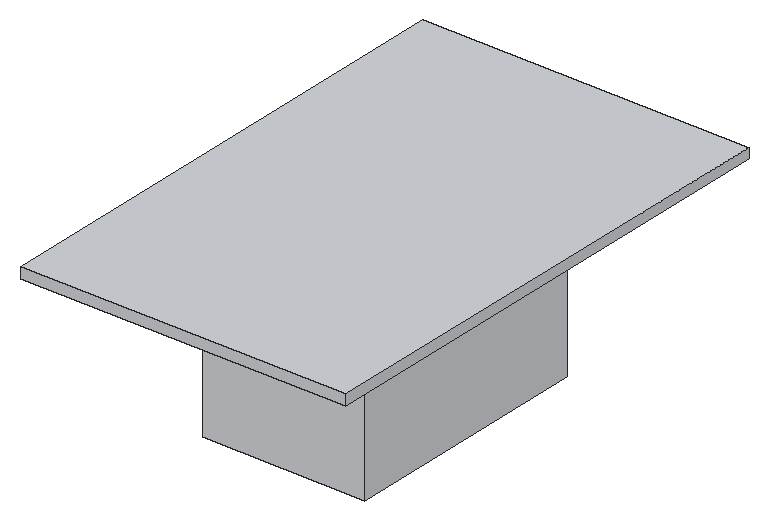
Revit family "68435fa0712e4dd4aa2f6907e23d66f0", category Lighting Devices, host Face, Revit 2021
Family settings
  Host = Face
  Maintain Annotation Orientation = Yes
  Round Connector Dimension = Use Diameter
  Part Type = Switch
  OmniClass Number = 23.85.80.11.27
  OmniClass Title = Lighting Controls
  Seek Item ID = Wall Occupancy Sensor - Low Voltage-0000-USA-ENU
  Cut with Voids When Loaded = No
  Shared = No
  Room Calculation Point = No
Parameters (values of type "Dual Technology")
  Width 1 = 2 * Sensor Width  # 0' - 3 67/128"
  Sensor Material = none
  Length 1 = 2 * Sensor Length  # 0' - 5 59/128"
  Height 1 = 1 / 16 * Sensor Height  # 0' - 0.11426"
  Default Elevation = 4' - 0"
  Sensor Width = 0' - 1 195/256"
  Cover Material = none
  Sensor Length = 0' - 2 187/256"
  Sensor Height = 0' - 1 53/64"
Types (4): name
  (no name)
  Passive Infrared
  Ultrasonic
  Dual Technology
Reference planes (in)
  plane 1 "Center (Front/Back)": y = 0
  plane 2: z = 0
  plane 3 "Center (Left/Right)": x = 0
  plane 4: x = -0.88086
  plane 5: x = 0.88086
  plane 6: x = -1.76172
  plane 7: x = 1.76172
  plane 8: z = -1.82813
  plane 9: z = 0.11426
  plane 10: y = -2.73047
  plane 11: y = -1.36523
  plane 12: y = -5.46094
  plane 13: y = -4.0957
Forms (in)
  Extrusion 1, solid, material <- "Sensor Material"
    sketch origin (0, 0, 0) x (1, 0, 0) y (0, 1, 0)
      loop
        line (-0.88086, -1.36523) -> (-0.88086, -4.0957) -> (0.88086, -4.0957) -> (0.88086, -1.36523) -> (-0.88086, -1.36523)
    from -1.82813 to 0
  Extrusion 2, solid, material <- "Cover Material"
    sketch origin (0, 0, 0) x (1, 0, 0) y (0, 1, 0)
      loop
        line (-1.76172, 0) -> (-1.76172, -5.46094) -> (1.76172, -5.46094) -> (1.76172, 0) -> (-1.76172, 0)
    from 0 to 0.11426
Lines and regions (in)
  symbolic lines, detail levels fine
    curve 1: line (-1.76172, 0, 0.11426) -> (1.76172, 0, 0.11426)
    curve 2: line (1.76172, 0, 0.11426) -> (1.76172, 0, 0)
    curve 3: line (1.76172, 0, 0) -> (-1.76172, 0, 0)
    curve 4: line (-1.76172, 0, 0) -> (-1.76172, 0, 0.11426)
    curve 5: line (-0.88086, 0, 0) -> (-0.88086, 0, -1.82813)
    curve 6: line (-0.88086, 0, -1.82813) -> (0.88086, 0, -1.82813)
    curve 7: line (0.88086, 0, -1.82813) -> (0.88086, 0, 0)
Dimensions and locks (in)
  "Sensor Width": plane 4 to plane 5
  equal spacing: plane 4, plane 3 "Center (Left/Right)", plane 5
  equal spacing: plane 6, plane 3 "Center (Left/Right)", plane 7
  "Width 1": plane 6 to plane 7
  "Sensor Height": plane 2 to plane 8
  "Height 1": plane 9 to plane 2
  "Length 1": plane 12 to plane 1 "Center (Front/Back)"
  equal spacing: plane 12, plane 10, plane 1 "Center (Front/Back)"
  equal spacing: plane 11, plane 10, plane 13
  "Sensor Length": plane 11 to plane 13
  aligned and locked: plane 2 to host face
  aligned and locked: level to host face
  aligned and locked: plane 4 to Extrusion 1 sketch curve  (x2)
  aligned and locked: plane 5 to Extrusion 1 sketch curve
  aligned and locked: plane 6 to Extrusion 2 sketch curve  (x2)
  aligned and locked: plane 7 to Extrusion 2 sketch curve
  aligned and locked: plane 8 to Extrusion 1
  aligned and locked: plane 2 to Extrusion 1
  aligned and locked: Extrusion 2 to plane 2
  aligned and locked: Extrusion 2 to plane 9
  aligned and locked: plane 9 to curve 1
  aligned and locked: plane 2 to curve 3
  aligned and locked: plane 7 to curve 3
  aligned and locked: plane 6 to curve 4
  aligned and locked: curve 5 to plane 4
  aligned and locked: curve 7 to plane 5
  aligned and locked: plane 8 to curve 6
  aligned and locked: Extrusion 2 to plane 1 "Center (Front/Back)"
  aligned and locked: Extrusion 2 to plane 12
  aligned and locked: Extrusion 2 to plane 7
  aligned and locked: Extrusion 2 to plane 6
  aligned and locked: plane 1 "Center (Front/Back)" to Extrusion 2 sketch curve
  aligned and locked: plane 12 to Extrusion 2 sketch curve
  aligned and locked: Extrusion 1 sketch curve to plane 11
  aligned and locked: Extrusion 1 sketch curve to plane 13
  aligned and locked: nested 1 to plane 10
  aligned and locked: plane 3 "Center (Left/Right)" to nested 1
Automatic sketch dimensions
  host sketch curve to host sketch curve = 8' - 0"  (x2)
Nested families (in)
  nested 1: "Wall Occupancy Sensor Annotation" at (0, -2.73047, 0), type "Wall Occupancy Sensor Annotation", detail levels coarse+medium
Connectors (in)
  electrical at (0, -2.73047, 0)
    settings: on Extrusion 1, index 1, voltage 0 V, apparent load 0 VA, apparent load phase1 0 VA, apparent load phase2 0 VA, apparent load phase3 0 VA, power factor 1, load classification "Other", number of poles 1, system type 13, power factor state 1, is connector primary yes, connector utility no, sub classification motor no, connector description ""
Definition of nested family "Wall Occupancy Sensor Annotation"
  Parameters
    Label = "T"
  Reference planes (in)
    plane 1: y = 0
    plane 2: x = 0
  Lines and regions (in)
    detail lines
      curve 1: line (0, 0.125, 0) -> (0, 0, 0)
      curve 3: arc (0.01506, 0.11153, 0) -> (-0.02442, 0.09683, 0) -> (0, 0.0625, 0) r 0.02655
      curve 4: arc (0, 0.0625, 0) -> (0.01543, 0.02147, 0) -> (-0.02827, 0.02483, 0) r 0.02599
    reference lines
      curve 2: line (0, 0.0625, 0) -> (-0.11983, 0.0625, 0)
      curve 5: line (0.10095, -0.04722, 0) -> (0.10095, 0.09386, 0)
      curve 6: line (0.10095, -0.04722, 0) -> (0.28349, -0.04722, 0)
      curve 7: line (0.10095, 0.04579, 0) -> (0.31014, 0.04579, 0)
  Text (in)
    label "2" at (0.06269, -0.00499, 0), shows "Label"
  Dimensions and locks (in)
    locked: curve 6 to curve 7 at 0.09301
    locked: curve 1 to curve 5 at 0.10095
    locked: curve 1 to curve 1 at 0.125
    locked: plane 1 to curve 2 at 0.0625
    aligned and locked: curve 1 to curve 2
    aligned and locked: curve 3 to curve 2
    aligned and locked: curve 4 to curve 2
    aligned and locked: plane 1 to curve 1
    aligned and locked: curve 1 to plane 2
    aligned and locked: plane 2 to curve 1
